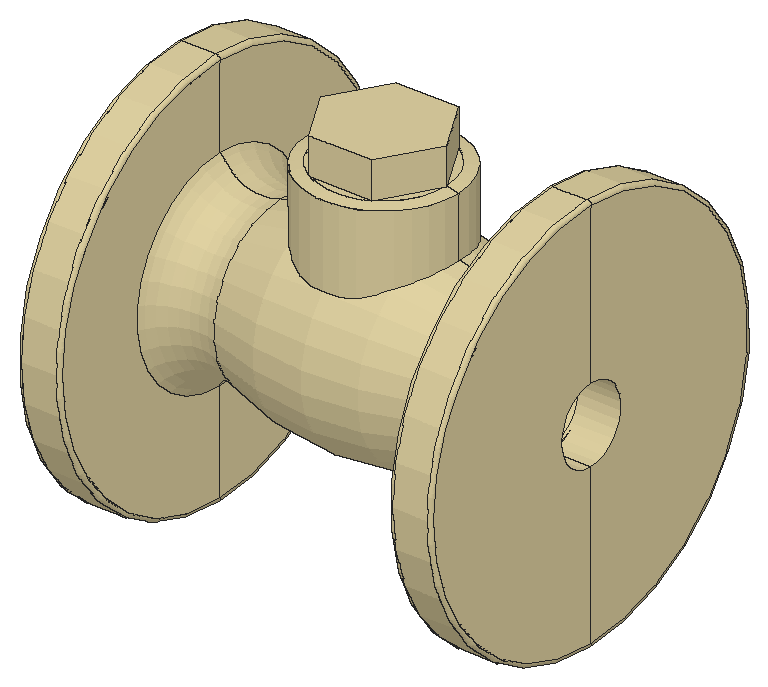
Revit family "DA04270000", category Apparecchi idraulici, Revit 2020
Family settings
  Quota connettore circolare = Usa diametro
  Tipo di parte = Normale
  Numero OmniClass = 23.45.00.00
  Titolo OmniClass = Sanitary, Laundry, and Cleaning Equipment
  Basato su piano di lavoro = No
  Sempre verticale = Sì
  Taglio con vuoti quando caricato = No
  Condiviso = No
  Punto di calcolo locali = No
Parameters
  URL = "https://web.cimberio.com/index.php/figura/21?subcategoria_id=35"
  Temperatura di esercizio = "-10 ÷ 170°C"
  Prospetto di default = 0 mm
  Produttore = "CIMBERIO SPA"
  Pressione nominale = "PN 16"
  Modello = "Cim *79PN16"
  Materiale = "Prodotto in lega di bronzo conforme alla norma EN 1982-CC491K"
  Descrizione = "Utilizzato nei più svariati settori dell'impiantistica in condutture anti-ritorno per: reti di distribuzione acqua potabile, impianti di riscaldamento, condizionamento, igienico-sanitari e distribuzione idrocarburi"
  DN Model [instance] = DA04273110 : DA04273110
  DN [instance] = 15 mm
  Commenti sul tipo = "Realizzato in ottemperanza ai requisiti gestionali della norma EN ISO 9001.\r\nCollaudato al 100% secondo la normativa EN 12266-1"
Reference planes
  plane 1 "Centro (Fronte/Retro)": y = 0
  plane 2: z = 0
  plane 3 "Centro (Sinistra/Destra)": x = 0
Dimensions and locks
  aligned and locked: level to plane 2
Nested families
  nested 1: "DA04273110" at (0, 0, 0), type <- "DN Model", type "DA04273110"
  nested 2: "DA04273110" at (0, 0, 0), type <- "DN Model", type "DA04273110"
  nested 3: "DA04273110" at (0, 0, 0), type <- "DN Model", type "DA04273110"
  nested 4: "DA04273110" at (0, 0, 0), type <- "DN Model", type "DA04273110"
  nested 5: "DA04273110" at (0, 0, 0), type <- "DN Model", type "DA04273110"
  nested 6: "DA04273110" at (0, 0, 0), type <- "DN Model", type "DA04273110"
  nested 7: "DA04273110" at (0, 0, 0), type <- "DN Model", type "DA04273110"
  nested 8: "DA04273110" at (0, 0, 0), type <- "DN Model", type "DA04273110"
  nested 9: "DA04273110" at (0, 0, 0), type <- "DN Model", type "DA04273110"
Connectors
  piping at (41.407, 0, 0), diameter 15, driven by "DN"
    settings: on nested 1, index 1, connector inside diameter 609.6 mm, connector length 0 mm, flow factor 0, pipe flow 0.0 L/s, pressure drop 0.0 Pa, fitting loss kfactor 0, connector angle 0.00°, fixture units 0, engagement length 0 mm, angle of deflection 0.00°, flow configuration 0, flow direction 0, fitting loss method 0, system type 7, joint type 0, gender type 0, connector reference index -1, connector utility 0, adjustable connector no, is connector primary yes, connector description ""
  piping at (-41.232, 0, 0), diameter 15, driven by "DN"
    settings: on nested 1, index 2, connector inside diameter 609.6 mm, connector length 0 mm, flow factor 0, pipe flow 0.0 L/s, pressure drop 0.0 Pa, fitting loss kfactor 0, connector angle 0.00°, fixture units 0, engagement length 0 mm, angle of deflection 0.00°, flow configuration 0, flow direction 0, fitting loss method 0, system type 7, joint type 0, gender type 0, connector reference index -1, connector utility 0, adjustable connector no, is connector primary no, connector description ""
Definition of nested family "DA04273110"
  Parameters (values of type "DA04313110")
    Default Elevation = 0 mm
  Reference planes
    plane 1 "Centro (Fronte/Retro)": y = 0
    plane 2: z = 0
    plane 3 "Centro (Sinistra/Destra)": x = 0
  Forms (mm)
    Revolve 1, solid
      sketch origin (0, 0, 0) x (1, 0, 0) y (0, 0, 1)
        loop
          line (33.343, -7.5) -> (-32.983, -7.5) -> (-32.983, -19.288)
          arc (-32.983, -19.288) -> (-27.734, -14.585) -> (-20.687, -14.614) r 9.811
          arc (-20.687, -14.614) -> (0, -18.5) -> (20.687, -14.614) r 57
          arc (20.687, -14.614) -> (28.136, -14.748) -> (33.343, -20.077) r 9.811
          line (33.343, -20.077) -> (33.343, -7.5)
        axis (-32.983, 2) -> (33.343, 2)
      angle from 0 to 360
    Revolve 2, solid
      sketch origin (0, 0, 0) x (1, 0, 0) y (0, 0, 1)
        loop
          line (-15, 4.172) -> (0, 4.172) -> (0, 32.573) -> (-12.5, 32.573) -> (-15, 32.132) -> (-15, 4.172)
        axis (0, 32.573) -> (0, 4.172)
      angle from 0 to 360
    Extrusion 3, solid
      sketch origin (0, 0, 0) x (0, -1, 0) y (1, 0, 0)
        loop
          line (0, 12.5) -> (-10.825, 6.25) -> (-10.825, -6.25) -> (0, -12.5) -> (10.825, -6.25) -> (10.825, 6.25) -> (0, 12.5)
      from 32.132 to 39.804
    Revolve 4, solid
      sketch origin (-6.732, 0, 0) x (1, 0, 0) y (0, 0, 1)
        loop
          line (-34.5, 39.192) -> (-34.5, 7.5) -> (-26, 7.5) -> (-26, 39.165)
          arc (-26, 39.165) -> (-26.244, 39.756) -> (-26.835, 40) r 0.835
          line (-26.835, 40) -> (-33.692, 40)
          arc (-33.692, 40) -> (-34.263, 39.763) -> (-34.5, 39.192) r 0.808
        axis (-34.5, 0) -> (-26, 0)
      angle from 0 to 360
    Revolve 5, solid
      sketch origin (6.907, 0, 0) x (-1, 0, 0) y (0, 0, 1)
        loop
          line (-34.5, 39.192) -> (-34.5, 7.5) -> (-26, 7.5) -> (-26, 39.165)
          arc (-26, 39.165) -> (-26.244, 39.756) -> (-26.835, 40) r 0.835
          line (-26.835, 40) -> (-33.692, 40)
          arc (-33.692, 40) -> (-34.263, 39.763) -> (-34.5, 39.192) r 0.808
        axis (-34.5, 0) -> (-26, 0)
      angle from 0 to 360
  Dimensions and locks
    aligned and locked: level to plane 2
